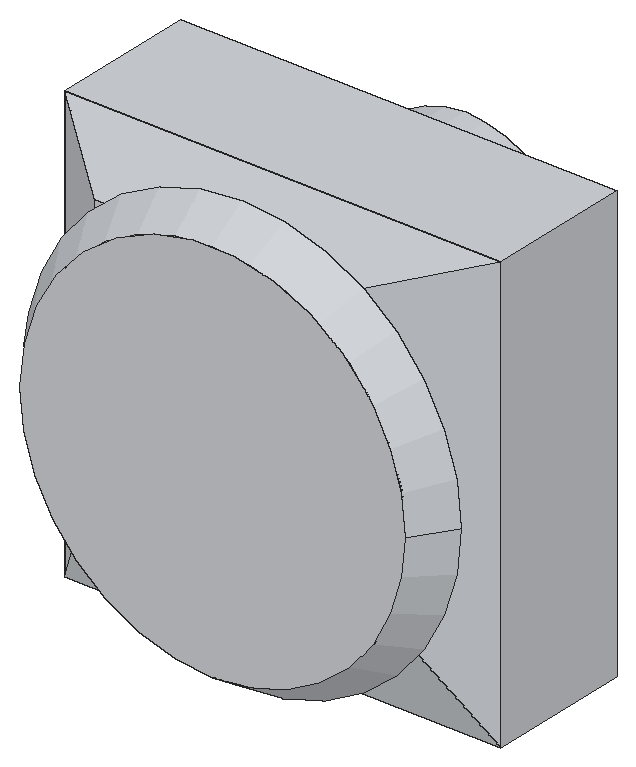
Revit family "57_CRD_ME_BKT_fan", category Mechanical Equipment, Revit 2020
Family settings
  Round Connector Dimension = Use Diameter
  Part Type = Normal
  OmniClass Number = 23.75.00.00
  OmniClass Title = Climate Control (HVAC)
  Work Plane-Based = Yes
  Always vertical = Yes
  Cut with Voids When Loaded = No
  Shared = No
  Room Calculation Point = Yes
Parameters (values of type "BKT fan")
  maximaal_debiet_Ls [instance] = 23.61 m³  # constant formula
  materiaal = none
  hoogte = 210 mm
  diepte_unit = 70 mm  # constant formula
  diepte_terugslagklep = 53 mm
  diepte_achterplaat = 10 mm  # constant formula
  diepte = 122 mm
  diameter_terugslagklep = 98 mm  # constant formula
  debiet [instance] = 0.0 L/s
  breedte = 210 mm
  Voltage = 230 V
  Power = 15 VA
  Model = "BKT fan"  # constant formula
  Manufacturer = "ClimaRad"  # constant formula
  IfcExportType = "NOTDEFINED"  # constant formula
  IfcExportAs = "IfcAirTerminalBoxType"  # constant formula
  Default Elevation = 1219.2 mm
Reference planes
  plane 1 "Center (Front/Back)": y = 0
  plane 2: z = 0
  plane 3 "Center (Left/Right)": x = 0
  plane 4: x = -105
  plane 5: x = 105
  plane 6: z = -105
  plane 7: z = 105
  plane 8: y = -10
  plane 9 "front1": y = -80
  plane 10 "voorkant": y = -122
  plane 11: y = 53
  plane 12: z = 18
  plane 13: x = -18
  plane 14 "front2": y = -98
Forms (mm)
  Extrusion 1, solid, material <- "materiaal"
    sketch origin (0, 0, 0) x (1, 0, 0) y (0, 0, 1)
      loop
        circle (-18, 18) r 49
      loop
        circle (-18, 18) r 50
    from 0 to -53
  Extrusion 2, solid, material <- "materiaal"
    sketch origin (0, 0, 0) x (1, 0, 0) y (0, 0, 1)
      loop
        line (-105, 105) -> (-105, -105) -> (105, -105) -> (105, 105) -> (-105, 105)
    from 10 to 80
  Blend 3, solid, material <- "materiaal"
    base sketch origin (0, -80, 0) x (-1, 0, 0) y (0, 0, 1)
      loop
        line (105, 105) -> (-105, 105) -> (-105, -105) -> (105, -105) -> (105, 105)
    top sketch origin (0, -80, 0) x (-1, 0, 0) y (0, 0, 1)
      loop
        line (76, 76) -> (-40, 76) -> (-40, -40) -> (76, -40) -> (76, 76)
    from 0 to -18
  Blend 4, solid, material <- "materiaal"
    base sketch origin (0, -122, 0) x (-1, 0, 0) y (0, 0, 1)
      loop
        circle (0, 0) r 93
    top sketch origin (0, -122, 0) x (-1, 0, 0) y (0, 0, 1)
      loop
        circle (0, 0) r 105
    from 0 to 18
  Extrusion 5, solid, material <- "materiaal"
    sketch origin (0, 0, 0) x (1, 0, 0) y (0, 0, 1)
      loop
        line (-93, 93) -> (-93, -93) -> (93, -93) -> (93, 93) -> (-93, 93)
    from 0 to 10
Dimensions and locks
  equal spacing: plane 5, plane 3 "Center (Left/Right)", plane 4
  "breedte": plane 5 to plane 4
  equal spacing: plane 7, plane 2, plane 6
  "hoogte": plane 7 to plane 6
  "diepte_achterplaat": plane 1 "Center (Front/Back)" to plane 8
  "diepte_unit": plane 8 to plane 9 "front1"
  "diepte": plane 1 "Center (Front/Back)" to plane 10 "voorkant"
  "diepte_terugslagklep": plane 11 to plane 1 "Center (Front/Back)"
  plane 12 to plane 2 = 18 mm
  locked: plane 3 "Center (Left/Right)" to plane 13 at 18
  locked: plane 9 "front1" to plane 14 "front2" at 18
  "diameter_terugslagklep": diameter of Extrusion 1 sketch curve
  aligned and locked: level to plane 2
  aligned and locked: plane 11 to Extrusion 1
  aligned and locked: plane 7 to Extrusion 2 sketch curve
  aligned and locked: plane 4 to Extrusion 2 sketch curve
  aligned and locked: plane 6 to Extrusion 2 sketch curve
  aligned and locked: plane 5 to Extrusion 2 sketch curve
  aligned and locked: Extrusion 2 to plane 9 "front1"
  aligned and locked: plane 5 to Blend 3 sketch curve
  aligned and locked: plane 7 to Blend 3 sketch curve
  aligned and locked: plane 4 to Blend 3 sketch curve
  aligned and locked: plane 6 to Blend 3 sketch curve
  aligned and locked: plane 8 to Extrusion 2
  aligned and locked: Extrusion 5 to plane 8
Automatic sketch dimensions
  plane 3 "Center (Left/Right)" to Blend 3 sketch curve = 40 mm
  plane 4 to Blend 3 sketch curve = 29 mm
  Blend 3 sketch curve to level = 40 mm
  plane 7 to Blend 3 sketch curve = 29 mm
  Blend 4 sketch curve to level = 0 mm  (x2)
  Blend 4 sketch curve to plane 3 "Center (Left/Right)" = 0 mm  (x2)
  plane 4 to Extrusion 5 sketch curve = 12 mm
  plane 5 to Extrusion 5 sketch curve = 12 mm
  plane 6 to Extrusion 5 sketch curve = 12 mm
  plane 7 to Extrusion 5 sketch curve = 12 mm
  Extrusion 1 sketch curve to Extrusion 1 sketch curve = 0 mm  (x2)
  Extrusion 1 sketch curve to plane 12 = 0 mm
  Extrusion 1 sketch curve to plane 13 = 0 mm
  radius of Blend 4 sketch curve = 93 mm
  radius of Blend 4 sketch curve = 105 mm
  radius of Extrusion 1 sketch curve = 50 mm
Connectors
  electrical at (0, 0, 0), driven by "Voltage", driven by "Power"
    settings: on Extrusion 5, index 1, voltage 230 V, apparent load 15 VA, apparent load phase1 0 VA, apparent load phase2 0 VA, apparent load phase3 0 VA, power factor 1, load classification "Other", number of poles 1, system type 30, power factor state 1, is connector primary yes, connector utility no, sub classification motor no, connector description ""
  hvac at (-18, 0, 18), driven by "diameter_terugslagklep", driven by "debiet"
    settings: on Extrusion 1, index 2, duct flow 0.0 L/s, flow factor 0, pres drop 0.0 Pa, loss coef 0, conn angle 0.00°, conn width 304.8 mm, conn height 304.8 mm, conn diameter 98 mm, duct sys type 3, conn prof type 0, flow config 1, flow direction 2, loss method 0, conn ref index -1, conn util no, is conn primary yes, conn desc ""
